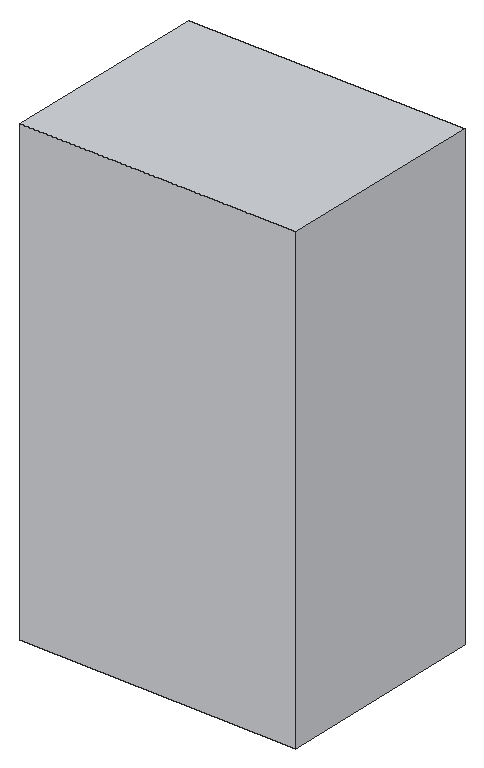
Revit family
Parameters
  Warranty Duration (Years) = 0
  Unit Width [instance] = 1' - 6"
  Unit Height [instance] = 2' - 0"
  Unit Depth = 0' - 0 1/4"
  URL = "http://www.americanspecialties.com/viewCategories.cfm"
  Trim Material = Glass
  Test Data = ""
  Specification = "http://www.arcat.com/sdspecs/htm/10810asi.htm"
  SpecWizard = ""
  Send Message = "http://www.arcat.com/users.pl?action=UserEmail&company=American%20Specialties,%20Inc.&coid=30448&rep=139&fax=914-476-0688&mf="
  Sales Information = "http://www.americanspecialties.com/contact"
  Revision = "R1_10-2010"
  Product Properties = "http://www.americanspecialties.com/datasheets/20650.pdf"
  Product Data = "http://www.arcat.com/arcatcos/cos30/arc30448.html"
  Model = "As Specified in 10 28 13"
  Manufacturer Website = "http://www.americanspecialties.com/viewCategories.cfm"
  Manufacturer Phone - Toll Free = ""
  Manufacturer Phone = "914-476-9000 "
  Manufacturer Fax = "914-476-0688"
  Manufacturer Address = "441 Saw Mill River Rd., Yonkers, NY 10701"
  Manufacturer = "American Specialties, Inc."
  Maintenance Schedule (Months) = 0
  Keynote = "10 28 13"
  Installation-Fabrication = "http://www.americanspecialties.com/products.cfm"
  Green Building-LEED = ""
  Expected Lifespan (Years) = 0
  Drawn By = "Robert S. Weygant. CSI, CDT, SCIP"  # constant formula
  Description = "Toilet Accessory as Specified in 10 28 13"
  Default Elevation = 4' - 0"
  Copyright = "©Arcat Inc."
  Construction Details = "http://www.arcat.com/green/clients/leed_data_30448.html"
  Building Codes = "http://www.americanspecialties.com/products.cfm"
  Body Material = Metal - Stainless Steel
  Assembly Code = "C1030210"
Reference planes (in)
  plane 1 "Center (Front/Back)": y = -3.4675
  plane 2 "Floor Line": z = 0
  plane 3 "Center (Left/Right)": x = -0.65843
  plane 4: z = 60
  plane 5: x = -9.65843
  plane 6: x = 8.34157
  plane 7: z = 48
  plane 8: z = 72
  plane 9: y = 8.5325
  plane 10: y = -15.4675
  plane 11: z = 0.125
Forms (in)
  Extrusion 1, solid
    sketch origin (-3, -9, -6) x (0, 0, -1) y (1, 0, 0)
      loop
        line (-82, 26) -> (-82, -19.34712) -> (-6, -19.34712) -> (-6, 26) -> (-82, 26)
    from 9 to -25.60721
  Extrusion 2, solid, material "Metal - Stainless Steel" <- "Body Material"
    sketch origin (0, 0, 0) x (1, 0, 0) y (0, 1, 0)
      loop
        line (-9.65843, 8.5325) -> (-9.65843, -15.4675) -> (8.34157, -15.4675) -> (8.34157, 8.5325) -> (-9.65843, 8.5325)
      loop
        line (-8.65843, 7.5325) -> (-8.65843, -14.4675) -> (7.34157, -14.4675) -> (7.34157, 7.5325) -> (-8.65843, 7.5325)
    from 0 to 0.25
  Extrusion 3, solid, material "Glass" <- "Trim Material"
    sketch origin (0, 0, 0) x (1, 0, 0) y (0, 1, 0)
      loop
        line (-8.65843, 7.5325) -> (-8.65843, -14.4675) -> (7.34157, -14.4675) -> (7.34157, 7.5325) -> (-8.65843, 7.5325)
    from 0 to 0.125
Dimensions and locks (in)
  equal spacing: plane 8, plane 4, plane 7
  equal spacing: plane 6, plane 3 "Center (Left/Right)", plane 5
  "Unit Width": plane 6 to plane 5
  "Unit Height": plane 8 to plane 7
  "Default Elevation": plane 7 to plane 2 "Floor Line"
  equal spacing: plane 9, plane 1 "Center (Front/Back)", plane 10
  "Unit Height": plane 9 to plane 10
  locked: Extrusion 2 sketch curve to Extrusion 2 sketch curve at 1  (x4)
  equal spacing: Extrusion 2, plane 11, plane 2 "Floor Line"
  "Unit Depth": Extrusion 2 to Extrusion 2
  aligned and locked: Extrusion 1 to level
  aligned and locked: plane 5 to Extrusion 2 sketch curve
  aligned and locked: Extrusion 2 sketch curve to plane 9
  aligned and locked: plane 10 to Extrusion 2 sketch curve
  aligned and locked: Extrusion 2 sketch curve to plane 6
  aligned and locked: Extrusion 2 to plane 2 "Floor Line"
  aligned and locked: Extrusion 2 to Extrusion 3 sketch curve
  aligned and locked: Extrusion 3 sketch curve to Extrusion 2  (x3)
  aligned and locked: Extrusion 2 to Extrusion 3
  aligned and locked: plane 11 to Extrusion 3
  aligned and locked: Extrusion 3 to plane 11
  aligned and locked: Extrusion 2 to level
Automatic sketch dimensions
  Extrusion 1 sketch curve to Extrusion 1 sketch curve = 6' - 4"
  Extrusion 1 sketch curve to Extrusion 1 sketch curve = 3' - 9.34712"
